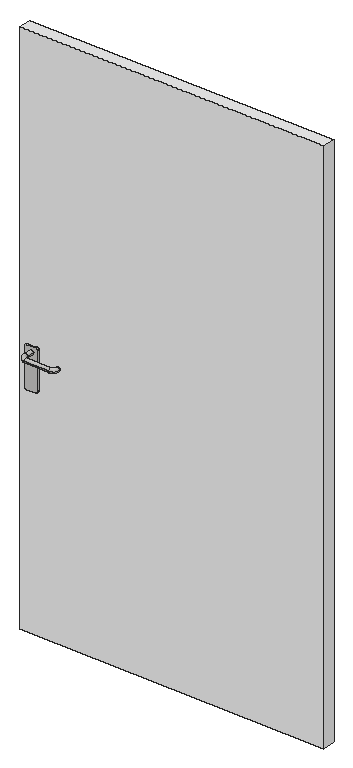
Revit family "CW Single Flush", category Doors, Revit 2015
Parameters (values of type "50mm")
  Thickness = 50.00 mm
  Model = ""
  Material = none
  Function = Interior
  Door Handle [instance] = Stainless Steel : Stainless Steel
  Construction Type = ""
  CQUnit = "pcs"
  CQKeynoteText = ""
Reference planes
  plane 1 "Center (Front/Back)": y = 0
  plane 2: z = 0
  plane 3 "Center (Left/Right)": x = -231.877
  plane 4: x = -831.877
  plane 5: x = 368.123
  plane 6 "Top": z = 2133.6
  plane 7: x = -781.877
  plane 8: z = 1066.8
Forms (mm)
  Extrusion 1, solid, material <- "Material"
    sketch origin (0, 0, 0) x (1, 0, 0) y (0, 0, 1)
      loop
        line (368.123, 0) -> (368.123, 2133.6) -> (-831.877, 2133.6) -> (-831.877, 0) -> (368.123, 0)
    from -25 to 25
Lines and regions (mm)
  symbolic lines, style "Plan Swing"
    curve 1: line (368.123, 0, 0) -> (368.123, 1200, 0)
    curve 2: arc (-831.877, 0, 0) -> (-480.405, 848.528, 0) -> (368.123, 1200, 0) r 1200
  symbolic lines, style "Elevation Swing"
    curve 3: line (-831.877, 0, 2133.6) -> (368.123, 0, 1066.8)
    curve 4: line (368.123, 0, 1066.8) -> (-831.877, 0, 0)
Text (mm)
  text "Exterior" at (-1161.5, 797.241, 0), in view "Ref. Level"
Dimensions and locks
  equal spacing: plane 4, plane 3 "Center (Left/Right)", plane 5
  locked: plane 7 to plane 4 at 50
  "Thickness": Extrusion 1 to Extrusion 1
  equal spacing: Extrusion 1, plane 1 "Center (Front/Back)", Extrusion 1
  equal spacing: plane 2, plane 8, plane 6 "Top"
  aligned and locked: plane 5 to Extrusion 1 sketch curve
  aligned and locked: plane 2 to Extrusion 1 sketch curve
  aligned and locked: plane 6 "Top" to Extrusion 1 sketch curve
  aligned and locked: Extrusion 1 sketch curve to plane 4
  aligned and locked: plane 7 to nested 2
  aligned and locked: nested 1 to plane 7
  aligned and locked: Extrusion 1 to nested 1
  aligned and locked: nested 2 to Extrusion 1
Automatic sketch dimensions
  curve 2 to plane 1 "Center (Front/Back)" = 0.00 mm
  curve 2 to plane 4 = 0.00 mm
  curve 2 to plane 5 = 0.00 mm
  curve 1 to plane 1 "Center (Front/Back)" = 0.00 mm
  curve 4 to level = 0.00 mm
  plane 4 to curve 4 = 0.00 mm
  plane 4 to curve 3 = 0.00 mm
  plane 5 to curve 3 = 0.00 mm
  curve 3 to plane 8 = 0.00 mm
  curve 3 to plane 6 "Top" = 0.00 mm
Nested families
  nested 1: "Stainless Steel" at (-781.877, -25, 1000), type <- "Door Handle", type "Stainless Steel"
  nested 2: "Stainless Steel" at (-781.877, 25, 1000), type <- "Door Handle", type "Stainless Steel"
Definition of nested family "Stainless Steel"
  Parameters
    Assembly Code = ""
  Reference planes
    plane 1 "Center (Front/Back)": y = 0
    plane 2: z = 0
    plane 3 "Center (Left/Right)": x = 0
  Forms (mm)
    Extrusion 1, solid, detail levels medium+fine
      sketch origin (0, 0, 0) x (1, 0, 0) y (0, 0, 1)
        loop
          arc (-18, 22) -> (-22.95, 19.95) -> (-25, 15) r 7
          line (-25, 15) -> (-25, -130.014)
          arc (-25, -130.014) -> (-22.95, -134.963) -> (-18, -137.014) r 7
          line (-18, -137.014) -> (18, -137.014)
          arc (18, -137.014) -> (22.95, -134.963) -> (25, -130.014) r 7
          line (25, -130.014) -> (25, 15)
          arc (25, 15) -> (22.95, 19.95) -> (18, 22) r 7
          line (18, 22) -> (-18, 22)
      from 0 to 5.6
    Sweep 2, solid, detail levels medium+fine
      path origin (0, 0, 0) x (1, 0, 0) y (0, 1, 0)
        loop
          line (0, -5.608) -> (0, -35.608)
          arc (0, -35.608) -> (5.858, -49.75) -> (20, -55.608) r 20
          line (20, -55.608) -> (116.25, -55.608)
          arc (116.25, -55.608) -> (125.973, -51.58) -> (130, -41.858) r 13.75
          line (130, -41.858) -> (130, -38.476)
      profile origin (0, -20.608, 0) x (1, 0, 0) y (0, 0, 1)
        loop
          circle (0, 0) r 7.5
